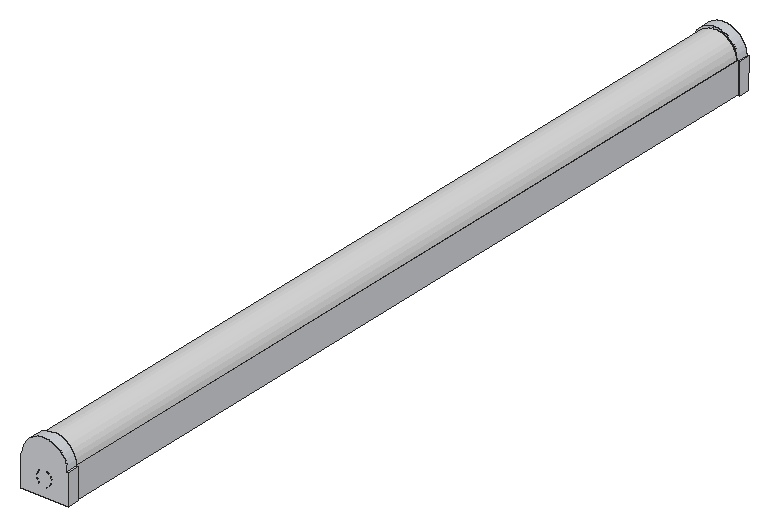
Revit family "0048940", category Lighting Fixtures, host Face, Revit 2017
Family settings
  Host = Face
  Round Connector Dimension = Use Diameter
  Part Type = Normal
  OmniClass Number = 23.80.70.00
  OmniClass Title = Lighting
  Cut with Voids When Loaded = No
  Light Source = Yes
  Shared = No
  Room Calculation Point = No
Parameters (values of type "0048940 WAYLINE 1200 MWCOR 3100LM 840")
  Weight = "10.38 kg"
  Wattage Comments = ""
  Wattage = 24 W
  WarrantyStartDate [instance] = "n/a"
  WarrantyGuarantorParts = "n/a"
  WarrantyDurationUnit = "n/a"
  WarrantyDurationParts = "n/a"
  WarrantyDescription = "n/a"
  WIDTH/2_SYL = 35 mm
  built-in parameter 1150110 = 1 (stored number, unit not read)
  Voltage = 0 V
  URL = "http://www.sylvania-lighting.com"
  TypeName = "Wayline 1200 MWCOR 3100lm 840"
  Type Image = <None>
  Type Comments = "n/a"
  built-in parameter 1114217 = 1 (stored number, unit not read)
  Tilt Angle = -90.00°
  built-in parameter 1150109 = 1 (stored number, unit not read)
  built-in parameter 1150134 = 12
  built-in parameter 1150113 = 1 (stored number, unit not read)
  SerialNumber [instance] = "n/a"
  R_HEIGHT_SYL = 44 mm
  Photometric Web File = "0048940.ies"
  Material_3_SYL = none
  PowerFactor = 0.9
  PowerConsumption = "24 W"
  NominalLength = 1220 mm
  NominalHeight = 76.5 mm
  NominalDepth = 70 mm
  Name = "Wayline 1200 MWCOR 3100lm 840"
  ModelReference = Name  # "Wayline 1200 MWCOR 3100lm 840"
  ModelNumber = "48940"
  Model = Name  # "Wayline 1200 MWCOR 3100lm 840"
  Material = "steel housing, pc polycarbonate diffuser"
  ManufacturerName = "Feilo Sylvania"
  Manufacturer = "Feilo Sylvania"
  LuminousEfficacy = "129 lm/W"
  built-in parameter 1150105 = -2487883.7 (stored number, unit not read)
  Lumens = 3096 lm
  LuminaireType = ""
  built-in parameter 1150115 = 1 (stored number, unit not read)
  LightOutputRatio = "n/a"
  built-in parameter 1150137 = (empty or 0)
  built-in parameter 1150139 = (empty or 0)
  LampsType = Lamp  # "LED"
  LampNominalLuminous = "3100 lm"
  LampMacAdamStep = "5"
  LampColourTemperature = "4000 K"
  LampColourRenderingIndex = "80"
  built-in parameter 1150112 = 1 (stored number, unit not read)
  built-in parameter 1150114 = 1 (stored number, unit not read)
  Lamp = "LED"
  LUM_R_SYL = 30 mm
  Keynote = "16500"
  InstallationDate [instance] = "n/a"
  InputVoltage = "n/a"
  InputNominalFrequency = "n/a"
  built-in parameter 1150132 = (empty or 0)
  built-in parameter 1150102 = (empty or 0)
  built-in parameter 1150107 = 4000 (stored number, unit not read)
  built-in parameter 1150138 = (empty or 0)
  IngressProtection = "IP20"
  ImpactProtectionIndex = "IK08"
  built-in parameter 1150106 = -24878.8 (stored number, unit not read)
  IfcExportType = "IfcLightFixtureType"
  IfcExportAs = "IfcLightFixtureType"
  HOLE_HEIGHT_SYL = 24 mm
  HEIGHT_SYL = 76.5 mm
  GAP_SYL = 2.5 mm
  Emit from Circle Diameter = 609.6 mm
  Emit Shape Visible in Rendering = no
  ElectricShockClassification = "Class I"
  built-in parameter 1150104 = 11.984 (stored number, unit not read)
  DocumentationLiterature = "http://www.sylvania-lighting.com/product/en-int/products/0048940"
  DimmingControlOptions = "n/a"
  Material_2_SYL = none
  Dimming Lamp Color Temperature Shift = <None>
  Description = "LED batten, T8 replacement, ease of installation through 2 part push-in design of the housing (safety cable included), through wiring capability, steel housing, 3100lm, 24W, 129lm/W, 4000K, CRI80, 3 step MacAdam ellipse, symmetric wide beam angle, Class I, 90000 hrs L80B20 lifespan, non-dimmable driver, corridor function with microwave presence sensor, IK08, IP20, 1220 x 70 x 76.5mm  (L x W x H) dimensions, 1.73kg."
  Default Elevation = 1219.2 mm
  CreatedOn = "5/25/2021"
  CreatedBy = "@sylvania-lighting.com"
  Cost = 0
  Color Filter = 16777215
  built-in parameter 1114216 [instance] = (empty or 0)
  ClassificationValue = "EF_70_80"
  ClassificationName = "Uniclass2015"
  Material_1_SYL = Dynamo
  BarCode [instance] = "n/a"
  built-in parameter 1114218 = 1 (stored number, unit not read)
  built-in parameter 1150133 = 10 (stored number, unit not read)
  AssetType = "Fixed"
  AssetIdentifier [instance] = "n/a"
  Assembly Code = "D5020200"
  Apparent Load = 24 VA
  Material_4_SYL = none
Types (8, lengths in mm): name | Weight | Wattage | TypeName | Photometric Web File | PowerConsumption | Name | ModelReference | ModelNumber | Model | LuminousEfficacy | built-in parameter 1150105 | Lumens | LampNominalLuminous | built-in parameter 1150106 | built-in parameter 1150104 | DocumentationLiterature | Description | Apparent Load
  0048940 WAYLINE 1200 MWCOR 3100LM 840 | "10.38 kg" | 24 W | "Wayline 1200 MWCOR 3100lm 840" | "0048940.ies" | "24 W" | "Wayline 1200 MWCOR 3100lm 840" | "Wayline 1200 MWCOR 3100lm 840" | "48940" | "Wayline 1200 MWCOR 3100lm 840" | "129 lm/W" | -2487883.7 (stored number, unit not read) | 3096 lm | "3100 lm" | -24878.8 (stored number, unit not read) | 11.984 (stored number, unit not read) | "http://www.sylvania-lighting.com/product/en-int/products/0048940" | "LED batten, T8 replacement, ease of installation through 2 part push-in design of the housing (safety cable included), through wiring capability, steel housing, 3100lm, 24W, 129lm/W, 4000K, CRI80, 3 step MacAdam ellipse, symmetric wide beam angle, Class I, 90000 hrs L80B20 lifespan, non-dimmable driver, corridor function with microwave presence sensor, IK08, IP20, 1220 x 70 x 76.5mm  (L x W x H) dimensions, 1.73kg." | 24 VA
  0048933 WAYLINE 1200 MW 5700LM 840 | "8.82 kg" | 41 W | "Wayline 1200 MW 5700lm 840" | "0048933.ies" | "41 W" | "Wayline 1200 MW 5700lm 840" | "Wayline 1200 MW 5700lm 840" | "48933" | "Wayline 1200 MW 5700lm 840" | "139 lm/W" | -8420557.4 (stored number, unit not read) | 5699 lm | "5700 lm" | -84205.6 (stored number, unit not read) | 12.914 (stored number, unit not read) | "http://www.sylvania-lighting.com/product/en-int/products/0048933" | "LED batten, T8 replacement, ease of installation through 2 part push-in design of the housing (safety cable included), through wiring capability, steel housing, 5700lm, 41W, 139lm/W, 4000K, CRI80, 3 step MacAdam ellipse, symmetric wide beam angle, Class I, 90000 hrs L80B20 lifespan, non-dimmable driver, MW sensor for 360° detection up to 8m range at 6m mounting height, IK08, IP20, 1220 x 70 x 76.5mm (LxWxD) dimensions, 1.47kg weight." | 41 VA
  0048932 WAYLINE 1200 MW 3200LM 840 | "8.64 kg" | 24 W | "Wayline 1200 MW 3200lm 840" | "0048932.ies" | "24 W" | "Wayline 1200 MW 3200lm 840" | "Wayline 1200 MW 3200lm 840" | "48932" | "Wayline 1200 MW 3200lm 840" | "133 lm/W" | -2647764 (stored number, unit not read) | 3192 lm | "3200 lm" | -26477.6 (stored number, unit not read) | 12.356 (stored number, unit not read) | "http://www.sylvania-lighting.com/product/en-int/products/0048932" | "LED batten, T8 replacement, ease of installation through 2 part push-in design of the housing (safety cable included), through wiring capability, steel housing, 3200lm, 24W, 133lm/W, 4000K, CRI80, 3 step MacAdam ellipse, symmetric wide beam angle, Class I, 90000 hrs L80B20 lifespan, non-dimmable driver, MW sensor for 360° detection up to 8m range at 6m mounting height, IK08, IP20, 1220 x 70 x 76.5mm (LxWxD) dimensions, 1.44kg weight." | 24 VA
  0048929 WAYLINE 1200 5700LM 840 EM | "10.92 kg" | 44 W | "Wayline 1200 5700lm 840 EM" | "0048929.ies" | "44 W" | "Wayline 1200 5700lm 840 EM" | "Wayline 1200 5700lm 840 EM" | "48929" | "Wayline 1200 5700lm 840 EM" | "130 lm/W" | -8451586 (stored number, unit not read) | 5720 lm | "5700 lm" | -84515.9 (stored number, unit not read) | 12.077 (stored number, unit not read) | "http://www.sylvania-lighting.com/product/en-int/products/0048929" | "LED batten, T8 replacement, ease of installation through 2 part push-in design of the housing (safety cable included), through wiring capability, steel housing, 5700lm, 44W, 130lm/W, 4000K, CRI80, 3 step MacAdam ellipse, symmetric wide beam angle, Class I, 90000 hrs L80B20 lifespan, non-dimmable driver, 3-hour maintained emergency batteries, IK08, IP20, 1220 x  70 x 76.5mm  (L x W x H) dimensions, 1.82kg." | 44 VA
  0048928 WAYLINE 1200 3200LM 840 EM | "10.68 kg" | 26 W | "Wayline 1200 3200lm 840 EM" | "0048928.ies" | "26 W" | "Wayline 1200 3200lm 840 EM" | "Wayline 1200 3200lm 840 EM" | "48928" | "Wayline 1200 3200lm 840 EM" | "123 lm/W" | -2652741 (stored number, unit not read) | 3198 lm | "3200 lm" | -26527.4 (stored number, unit not read) | 11.427 (stored number, unit not read) | "http://www.sylvania-lighting.com/product/en-int/products/0048928" | "LED batten, T8 replacement, ease of installation through 2 part push-in design of the housing (safety cable included), through wiring capability, steel housing, 3200lm, 26W, 123lm/W, 4000K, CRI80, 3 step MacAdam ellipse, symmetric wide beam angle, Class I, 90000 hrs L80B20 lifespan, non-dimmable driver, 3-hour maintained emergency batteries, IK08, IP20, 1220 x 70 x 76.5mm  (L x W x H) dimensions, 1.78kg." | 26 VA
  0048925 WAYLINE 1200 DALI 5500LM 840 | "10.02 kg" | 40 W | "Wayline 1200 DALI 5500lm 840" | "0048925.ies" | "40 W" | "Wayline 1200 DALI 5500lm 840" | "Wayline 1200 DALI 5500lm 840" | "48925" | "Wayline 1200 DALI 5500lm 840" | "138 lm/W" | -7869864 (stored number, unit not read) | 5520 lm | "5500 lm" | -78698.6 (stored number, unit not read) | 12.821 (stored number, unit not read) | "http://www.sylvania-lighting.com/product/en-int/products/0048925" | "LED batten, T8 replacement, ease of installation through 2 part push-in design of the housing (safety cable included), through wiring capability, steel housing, 5500lm, 40W, 138lm/W, 4000K, CRI80, 3 step MacAdam ellipse, symmetric wide beam angle, Class I, 90000 hrs L80B20 lifespan, DALI dimmable driver, IK08, IP20, 1220 x 70 x 76.5mm (LxWxD) dimensions, 1.67kg weight." | 40 VA
  0048924 WAYLINE 1200 DALI 3100LM 840 | "9.96 kg" | 23 W | "Wayline 1200 DALI 3100lm 840" | "0048924.ies" | "23 W" | "Wayline 1200 DALI 3100lm 840" | "Wayline 1200 DALI 3100lm 840" | "48924" | "Wayline 1200 DALI 3100lm 840" | "135 lm/W" | -2495115.9 (stored number, unit not read) | 3105 lm | "3100 lm" | -24951.2 (stored number, unit not read) | 12.542 (stored number, unit not read) | "http://www.sylvania-lighting.com/product/en-int/products/0048924" | "LED batten, T8 replacement, ease of installation through 2 part push-in design of the housing (safety cable included), through wiring capability, steel housing, 3100lm, 23W, 135lm/W, 4000K, CRI80, 3 step MacAdam ellipse, symmetric wide beam angle, Class I, 90000 hrs L80B20 lifespan, DALI dimmable driver, IK08, IP20, 1220 x 70 x 76.5mm (LxWxD) dimensions, 1.66kg weight." | 23 VA
  0048953 WAYLINE 1200 MWCOR 5500LM 840 | "10.44 kg" | 41 W | "Wayline 1200 MWCOR 5500lm 840" | "0048953.ies" | "41 W" | "Wayline 1200 MWCOR 5500lm 840" | "Wayline 1200 MWCOR 5500lm 840" | "48953" | "Wayline 1200 MWCOR 5500lm 840" | "134 lm/W" | -7832795.8 (stored number, unit not read) | 5494 lm | "5500 lm" | -78328 (stored number, unit not read) | 12.449 (stored number, unit not read) | "http://www.sylvania-lighting.com/product/en-int/products/0048953" | "LED batten, T8 replacement, ease of installation through 2 part push-in design of the housing (safety cable included), through wiring capability, steel housing, 5500lm, 41W, 134lm/W, 4000K, CRI80, 3 step MacAdam ellipse, symmetric wide beam angle, Class I, 90000 hrs L80B20 lifespan, non-dimmable driver, corridor function with microwave presence sensor, IK08, IP20, 1220 x 70 x 76.5mm  (L x W x H) dimensions, 1.74kg." | 41 VA
Reference planes
  plane 1 "Center (Front/Back)": y = 0
  plane 2: z = 0
  plane 3 "Center (Left/Right)": x = 0
  plane 4: z = 76.5
  plane 5: x = -35
  plane 6: x = 35
  plane 7: z = 44
  plane 8: x = -32.5
  plane 9: x = 32.5
  plane 10: z = 24
  plane 11: x = 2.5
  plane 12: x = -2.5
  plane 13: z = 26.5
  plane 14: z = 21.5
  plane 15: z = 74
Forms (mm)
  Extrusion 1, solid
    sketch origin (0, 0, 0) x (1, 0, 0) y (0, 0, 1)
      loop
        arc (32.5, 44) -> (0, 76.5) -> (-32.5, 44) r 32.5
        line (-32.5, 44) -> (-35, 44) -> (-35, 0) -> (35, 0) -> (35, 44) -> (32.5, 44)
      loop
        line (2.5, 34.712) -> (2.5, 33.682)
        arc (2.5, 33.682) -> (7.071, 31.071) -> (9.682, 26.5) r 10
        line (9.682, 26.5) -> (10.712, 26.5)
        arc (10.712, 26.5) -> (7.778, 31.778) -> (2.5, 34.712) r 11
      loop
        line (-2.5, 33.682) -> (-2.5, 34.712)
        arc (-2.5, 34.712) -> (-7.778, 31.778) -> (-10.712, 26.5) r 11
        line (-10.712, 26.5) -> (-9.682, 26.5)
        arc (-9.682, 26.5) -> (-7.071, 31.071) -> (-2.5, 33.682) r 10
      loop
        line (-9.682, 21.5) -> (-10.712, 21.5)
        arc (-10.712, 21.5) -> (-7.778, 16.222) -> (-2.5, 13.288) r 11
        line (-2.5, 13.288) -> (-2.5, 14.318)
        arc (-2.5, 14.318) -> (-7.071, 16.929) -> (-9.682, 21.5) r 10
      loop
        line (2.5, 14.318) -> (2.5, 13.288)
        arc (2.5, 13.288) -> (7.778, 16.222) -> (10.712, 21.5) r 11
        line (10.712, 21.5) -> (9.682, 21.5)
        arc (9.682, 21.5) -> (7.071, 16.929) -> (2.5, 14.318) r 10
    from 594 to 610
  Extrusion 2, solid, material "Dynamo" <- "Material_1_SYL"
    sketch origin (0, 0, 0) x (1, 0, 0) y (0, 0, 1)
      loop
        line (-30, 44) -> (30, 44)
        arc (30, 44) -> (0, 74) -> (-30, 44) r 30
    from -594 to 594
  Extrusion 3, solid
    sketch origin (0, 0, 0) x (1, 0, 0) y (0, 0, 1)
      loop
        line (-32.5, 44) -> (-32.5, 0) -> (32.5, 0) -> (32.5, 44) -> (-32.5, 44)
    from -594 to 594
  Extrusion 4, solid
    sketch origin (0, 0, 0) x (1, 0, 0) y (0, 0, -1)
      loop
        line (32.5, -44) -> (35, -44) -> (35, 0) -> (-35, 0) -> (-35, -44) -> (-32.5, -44)
        arc (-32.5, -44) -> (0, -76.5) -> (32.5, -44) r 32.5
      loop
        arc (2.5, -34.712) -> (7.778, -31.778) -> (10.712, -26.5) r 11
        line (10.712, -26.5) -> (9.682, -26.5)
        arc (9.682, -26.5) -> (7.071, -31.071) -> (2.5, -33.682) r 10
        line (2.5, -33.682) -> (2.5, -34.712)
      loop
        arc (-2.5, -33.682) -> (-7.071, -31.071) -> (-9.682, -26.5) r 10
        line (-9.682, -26.5) -> (-10.712, -26.5)
        arc (-10.712, -26.5) -> (-7.778, -31.778) -> (-2.5, -34.712) r 11
        line (-2.5, -34.712) -> (-2.5, -33.682)
      loop
        arc (-9.682, -21.5) -> (-7.071, -16.929) -> (-2.5, -14.318) r 10
        line (-2.5, -14.318) -> (-2.5, -13.288)
        arc (-2.5, -13.288) -> (-7.778, -16.222) -> (-10.712, -21.5) r 11
        line (-10.712, -21.5) -> (-9.682, -21.5)
      loop
        arc (2.5, -14.318) -> (7.071, -16.929) -> (9.682, -21.5) r 10
        line (9.682, -21.5) -> (10.712, -21.5)
        arc (10.712, -21.5) -> (7.778, -16.222) -> (2.5, -13.288) r 11
        line (2.5, -13.288) -> (2.5, -14.318)
    from 594 to 610
Dimensions and locks
  "HEIGHT_SYL": plane 4 to host face
  "WIDTH/2_SYL": plane 6 to plane 3 "Center (Left/Right)" to plane 5
  "R_HEIGHT_SYL": plane 7 to host face
  "GAP_SYL": plane 8 to plane 5
  "GAP_SYL": plane 6 to plane 9
  "HOLE_HEIGHT_SYL": plane 10 to host face
  "GAP_SYL": plane 13 to plane 10 to plane 14
  "GAP_SYL": plane 11 to plane 3 "Center (Left/Right)" to plane 12
  "LUM_R_SYL": plane 15 to plane 7
  aligned and locked: plane 2 to host face
  aligned and locked: level to host face
Automatic sketch dimensions
  host sketch curve to host sketch curve = 2438.4 mm  (x2)
  Extrusion 1 sketch curve to Extrusion 1 sketch curve = 0 mm  (x58)
  Extrusion 1 sketch curve to level = 0 mm
  Extrusion 1 sketch curve to plane 5 = 0 mm
  Extrusion 1 sketch curve to plane 7 = 0 mm
  Extrusion 1 sketch curve to plane 8 = 0 mm
  Extrusion 1 sketch curve to plane 13 = 0 mm  (x2)
  Extrusion 1 sketch curve to plane 14 = 0 mm  (x2)
  Extrusion 1 sketch curve to plane 12 = 0 mm  (x2)
  Extrusion 1 sketch curve to plane 3 "Center (Left/Right)" = 0 mm  (x2)
  Extrusion 1 sketch curve to plane 11 = 0 mm  (x2)
  Extrusion 1 sketch curve to plane 6 = 0 mm
  Extrusion 1 sketch curve to plane 10 = 0 mm
  Extrusion 1 sketch curve to plane 12 = 8.212 mm
  Extrusion 1 sketch curve to Extrusion 1 sketch curve = 1.03 mm  (x4)
  plane 11 to Extrusion 1 sketch curve = 7.182 mm
  Extrusion 2 sketch curve to plane 7 = 0 mm
  Extrusion 2 sketch curve to plane 3 "Center (Left/Right)" = 0 mm
  plane 8 to Extrusion 2 sketch curve = 2.5 mm
  Extrusion 3 sketch curve to level = 0 mm
  Extrusion 3 sketch curve to plane 8 = 0 mm
  Extrusion 3 sketch curve to plane 9 = 0 mm
  Extrusion 3 sketch curve to plane 7 = 0 mm
  Extrusion 4 sketch curve to Extrusion 4 sketch curve = 0 mm  (x58)
  Extrusion 4 sketch curve to level = 0 mm
  Extrusion 4 sketch curve to plane 5 = 0 mm
  Extrusion 4 sketch curve to plane 7 = 0 mm
  Extrusion 4 sketch curve to plane 8 = 0 mm
  Extrusion 4 sketch curve to plane 13 = 0 mm  (x2)
  Extrusion 4 sketch curve to plane 14 = 0 mm  (x2)
  Extrusion 4 sketch curve to plane 12 = 0 mm  (x2)
  Extrusion 4 sketch curve to plane 3 "Center (Left/Right)" = 0 mm  (x2)
  Extrusion 4 sketch curve to plane 11 = 0 mm  (x2)
  Extrusion 4 sketch curve to plane 6 = 0 mm
  Extrusion 4 sketch curve to plane 10 = 0 mm
  Extrusion 4 sketch curve to plane 12 = 8.212 mm
  Extrusion 4 sketch curve to Extrusion 4 sketch curve = 1.03 mm  (x4)
  plane 11 to Extrusion 4 sketch curve = 7.182 mm
Connectors
  electrical at (0, -610, 29.333)
    settings: on Extrusion 1, index 1, voltage 0 V, apparent load 0 VA, apparent load phase1 0 VA, apparent load phase2 0 VA, apparent load phase3 0 VA, power factor 1, load classification "Other", number of poles 1, system type 31, power factor state 1, is connector primary yes, connector utility no, sub classification motor no, connector description ""
